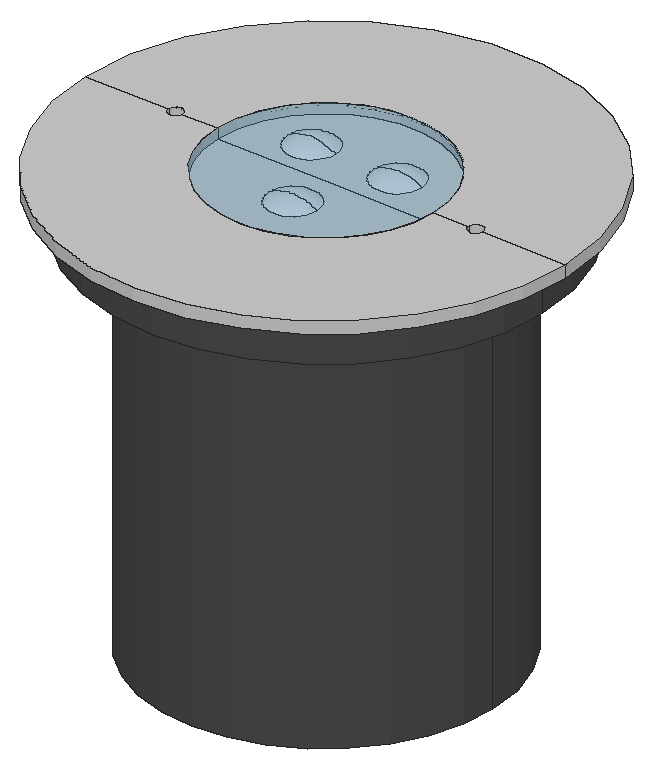
Revit family "INGROUND 12W RGBW_LKPA2BE0320.15", category Luminarias, Revit 2019
Family settings
  Cota de conector redondo = Diámetro de uso
  Tipo de pieza = Normal
  Se basa en plano de trabajo = Sí
  Siempre vertical = No
  Corte con vacíos al cargar = No
  Origen de luz = Sí
  Compartido = No
  Punto de cálculo de habitación = No
Parameters (values of type "EMP_LKPA2BE0320.15")
  Ángulo de inclinación = 100.00°
  Zone [instance] = ""
  Watt per fixture = 14.6
  Wattage = 14.6 W
  built-in parameter 1150107 = 3000 (stored number, unit not read)
  built-in parameter 1150110 = 1 (stored number, unit not read)
  built-in parameter 1150109 = 1 (stored number, unit not read)
  built-in parameter 1150112 = 1 (stored number, unit not read)
  built-in parameter 1150113 = 1 (stored number, unit not read)
  built-in parameter 1114218 = 1 (stored number, unit not read)
  Keynote = ""
  built-in parameter 1150137 = (empty or 0)
  built-in parameter 1150132 = (empty or 0)
  Modelo = "LKPA2BE0320.15"
  Lámpara = "RGBW"
  built-in parameter 1150105 = 34.216 (stored number, unit not read)
  built-in parameter 1150102 = (empty or 0)
  built-in parameter 1150106 = 0.34216 (stored number, unit not read)
  Lumens = 429.97 lm
  Color Filter = 16777215
  built-in parameter 1114217 = 1 (stored number, unit not read)
  built-in parameter 1150139 = (empty or 0)
  Fabricante = "BRILLANT"
  Default Elevation = 0 mm
  built-in parameter 1150104 = 2.736 (stored number, unit not read)
  Descripción = "LUMINARIA TIPO CIRCULAR PARA EMPOTRAR EN PISO CON CUERPO DE ALUMINIO FUNDIDO A PRESION CUBIERTO CON POLVO GRIS OSCURO, CON CUBIERTA DE ACERO INOXIDABLE Y VIDRIO TEMPLADO DE 8MM, HOUSING PVC DE 156.5MM DE DIAMETRO Y 149.5MM DE PROFUNDO. CUENTA CON 3 LED CON UNA POTENCIA TOTAL DE 14.6W, TECNOLOGIA RGBW CON 430 LUMENES, 610mA EN CORRIENTE DE OPERACIÓN, IP67, IK07, APERTURA EN 15 GRADOS POR PROYECTO, ALIMENTADA A 24V. REQUIERE ACCESORIOS."
  built-in parameter 1150115 = 1 (stored number, unit not read)
  built-in parameter 1150114 = 1 (stored number, unit not read)
  Comentarios de vataje = "24V"
  built-in parameter 1150138 = (empty or 0)
  built-in parameter 1150134 = (empty or 0)
  Circuit [instance] = ""
  Dimming Lamp Color Temperature Shift = (empty or 0)
  Archivo de red fotométrica = "LKPA2BE0320.IES"
  built-in parameter 1150133 = 10 (stored number, unit not read)
Reference planes
  plane 1 "Centro (Frontal/Posterior)": y = 0
  plane 2: z = 0
  plane 3 "Centro (Izquierda/Derecha)": x = 0
  plane 4: z = -149.5
  plane 5: x = -653.678
  plane 6: x = 600
  plane 7: x = -67.5
  plane 8: x = 67.5
  plane 9: z = -77
  plane 10 "PEND": y = 13.75
  plane 11 "Centro I/E": y = -15
  plane 12: x = -63.5
  plane 13: x = 63.5
  plane 14: z = -58
Forms (mm)
  Revolve 1, solid, material "Acero Inoxidable"
    sketch origin (0, 0, 0) x (1, 0, 0) y (0, 0, 1)
      loop
        line (-38.945, 3.372) -> (-86.5, 3.372) -> (-86.5, -0.88) -> (-67.5, -0.88) -> (-67.5, -12.767) -> (-51.169, -12.767) -> (-51.169, -25.88)
        arc (-51.169, -25.88) -> (-46.79, -30.26) -> (-51.169, -34.639) r 4.379
        line (-51.169, -34.639) -> (-51.169, -39.639)
        arc (-51.169, -39.639) -> (-46.79, -44.018) -> (-51.169, -48.397) r 4.379
        line (-51.169, -48.397) -> (-51.169, -57.128) -> (0, -57.128) -> (0, 0) -> (-38.945, 0) -> (-38.945, 3.372)
      axis (0, 3.372) -> (0, -57.128)
    angle from 0 to 360
  Revolve 2, solid
    sketch origin (14.219, 13.75, 0) x (-1, 0, 0) y (0, 0, 1)
      loop
        line (30.469, 0) -> (39.129, 0)
        arc (39.129, 0) -> (35.004, 1.961) -> (30.469, 2.5) r 14.087
        line (30.469, 2.5) -> (30.469, 0)
      axis (30.469, 2.5) -> (30.469, 0)
    angle from 0 to 360
  Extrusion 3, solid, material "Cristal"
    sketch origin (0, 0, 0) x (1, 0, 0) y (0, 1, 0)
      loop
        circle (0, 0) r 39.068
    from 2.552 to 3.372
  Extrusion 4, solid, material "Plastico"
    sketch origin (-21.775, 89.79, -72.302) x (1, 0, 0) y (0, 0, -1)
      loop
        circle (0, 0) r 10
    from -58 to -47.282
  Extrusion 5, solid, material "Cobre"
    sketch origin (-21.775, 89.79, -72.302) x (1, 0, 0) y (0, 0, -1)
      loop
        line (12.101, 0) -> (6.051, 10.48) -> (-6.051, 10.48) -> (-12.101, 0) -> (-6.051, -10.48) -> (6.051, -10.48) -> (12.101, 0)
    from -47.282 to -41.61
  Revolve 6, solid, material "Plastico"
    sketch origin (0, 0, 0) x (1, 0, 0) y (0, 0, 1)
      loop
        line (-78.25, -0.88) -> (-78.25, -15.267) -> (-60.349, -15.267) -> (-60.349, -149.5) -> (0, -149.5) -> (0, -147) -> (-57.805, -147) -> (-57.805, -12.767) -> (-75.682, -12.767) -> (-75.682, -0.88) -> (-78.25, -0.88)
      axis (0, -0.88) -> (0, -149.5)
    angle from 0 to 360
  Extrusion 7, void
    sketch origin (0, 0, 0) x (1, 0, 0) y (0, 1, 0)
      loop
        circle (-54.125, 0) r 2.557
      loop
        circle (54.125, 0) r 2.557
    from -3.838 to 7.824
  Extrusion 8, solid, material "Plastico"
    sketch origin (0, 0, 0) x (1, 0, 0) y (0, 1, 0)
      loop
        line (-8.088, -50.525) -> (-8.088, -57.237)
        arc (-8.088, -57.237) -> (0, -57.805) -> (8.088, -57.237) r 57.805
        line (8.088, -57.237) -> (8.088, -50.525)
        arc (8.088, -50.525) -> (0, -51.169) -> (-8.088, -50.525) r 51.169
      loop
        arc (-8.088, 50.525) -> (0, 51.169) -> (8.088, 50.525) r 51.169
        line (8.088, 50.525) -> (8.088, 57.237)
        arc (8.088, 57.237) -> (0, 57.805) -> (-8.088, 57.237) r 57.805
        line (-8.088, 57.237) -> (-8.088, 50.525)
      loop
        arc (-50.525, -8.088) -> (-51.169, 0) -> (-50.525, 8.088) r 51.169
        line (-50.525, 8.088) -> (-57.237, 8.088)
        arc (-57.237, 8.088) -> (-57.805, 0) -> (-57.237, -8.088) r 57.805
        line (-57.237, -8.088) -> (-50.525, -8.088)
      loop
        line (50.525, -8.088) -> (57.237, -8.088)
        arc (57.237, -8.088) -> (57.805, 0) -> (57.237, 8.088) r 57.805
        line (57.237, 8.088) -> (50.525, 8.088)
        arc (50.525, 8.088) -> (51.169, 0) -> (50.525, -8.088) r 51.169
    from -19.859 to -15.267
  Revolve 9, solid
    sketch origin (30.469, -15, 0) x (-1, 0, 0) y (0, 0, 1)
      loop
        line (30.469, 0) -> (39.129, 0)
        arc (39.129, 0) -> (35.004, 1.961) -> (30.469, 2.5) r 14.087
        line (30.469, 2.5) -> (30.469, 0)
      axis (30.469, 2.5) -> (30.469, 0)
    angle from 0 to 360
  Revolve 10, solid
    sketch origin (45.302, 13.75, 0) x (-1, 0, 0) y (0, 0, 1)
      loop
        line (30.469, 0) -> (39.129, 0)
        arc (39.129, 0) -> (35.004, 1.961) -> (30.469, 2.5) r 14.087
        line (30.469, 2.5) -> (30.469, 0)
      axis (30.469, 2.5) -> (30.469, 0)
    angle from 0 to 360
  Extrusion 11, solid, material "Acero Inoxidable"
    sketch origin (0, 0, 0) x (1, 0, 0) y (0, 1, 0)
      loop
        line (39.068, 0) -> (39.068, 35) -> (-38.945, 35) -> (-38.945, 0) -> (39.068, 0)
    from -87.809 to -57.128
  Extrusion 12, solid, material "Plastico"
    sketch origin (21.775, 89.79, -72.302) x (-1, 0, 0) y (0, 0, 1)
      loop
        circle (0, 0) r 10
    from -58 to -47.282
  Extrusion 13, solid, material "Cobre"
    sketch origin (21.775, 89.79, -72.302) x (-1, 0, 0) y (0, 0, 1)
      loop
        line (12.101, 0) -> (6.051, 10.48) -> (-6.051, 10.48) -> (-12.101, 0) -> (-6.051, -10.48) -> (6.051, -10.48) -> (12.101, 0)
    from -47.282 to -41.61
Cuts and joins
  Extrusion 7 cuts Revolve 1
Dimensions and locks
  plane 2 to plane 4 = 149.5 mm
  level to plane 4 = 149.5 mm
  equal spacing: plane 7, plane 3 "Centro (Izquierda/Derecha)", plane 8
  plane 7 to plane 3 "Centro (Izquierda/Derecha)" = 67.5 mm
  plane 7 to plane 8 = 135 mm
  level to plane 9 = 77 mm
  plane 8 to plane 7 = 135 mm
  equal spacing: plane 13, plane 3 "Centro (Izquierda/Derecha)", plane 12
  plane 3 "Centro (Izquierda/Derecha)" to plane 12 = 63.5 mm
  plane 13 to plane 12 = 127 mm
  plane 2 to plane 14 = 58 mm
  Revolve 1 sketch curve to Revolve 1 sketch curve = 86.5 mm
  Revolve 6 sketch curve to Revolve 6 sketch curve = 78.25 mm
  aligned and locked: level to plane 2
  aligned and locked: Extrusion 5 to Extrusion 4
  aligned and locked: Extrusion 12 to Extrusion 13
Automatic sketch dimensions
  Revolve 1 sketch curve to plane 7 = 0 mm
  Revolve 1 sketch curve to level = 0 mm
  Revolve 1 sketch curve to plane 3 "Centro (Izquierda/Derecha)" = 0 mm  (x2)
  Revolve 1 sketch curve to plane 9 = 0 mm
  plane 14 to Revolve 1 sketch curve = 0.872 mm
  plane 12 to Revolve 1 sketch curve = 12.331 mm
  Revolve 1 sketch curve to Revolve 1 sketch curve = 12.224 mm
  Revolve 1 sketch curve to Revolve 1 sketch curve = 8.731 mm
  Revolve 1 sketch curve to Revolve 1 sketch curve = 4.379 mm  (x2)
  Revolve 1 sketch curve to Revolve 1 sketch curve = 5 mm
  Revolve 1 sketch curve to level = 12.767 mm
  Revolve 1 sketch curve to level = 0.88 mm
  level to Revolve 1 sketch curve = 3.372 mm
  level to Revolve 1 sketch curve = 40 mm
  Revolve 2 sketch curve to level = 0 mm  (x2)
  Revolve 2 sketch curve to plane 3 "Centro (Izquierda/Derecha)" = 16.25 mm
  Revolve 2 sketch curve to Revolve 2 sketch curve = 0.628 mm  (x2)
  Revolve 2 sketch curve to Revolve 2 sketch curve = 8.66 mm
  Revolve 2 sketch curve to level = 11.573 mm
  Revolve 2 sketch curve to Revolve 2 sketch curve = 5.189 mm
  plane 1 "Centro (Frontal/Posterior)" to Extrusion 3 sketch curve = 0 mm
  Extrusion 3 sketch curve to plane 3 "Centro (Izquierda/Derecha)" = 0 mm
  Extrusion 4 sketch curve to plane 3 "Centro (Izquierda/Derecha)" = 21.775 mm
  Extrusion 4 sketch curve to plane 14 = 14.302 mm
  Extrusion 5 sketch curve to plane 14 = 14.302 mm
  plane 12 to Extrusion 5 sketch curve = 29.624 mm
  Extrusion 5 sketch curve to Extrusion 5 sketch curve = 6.051 mm  (x2)
  Extrusion 5 sketch curve to plane 14 = 3.822 mm
  Extrusion 5 sketch curve to Extrusion 5 sketch curve = 12.101 mm  (x2)
  Extrusion 5 sketch curve to plane 3 "Centro (Izquierda/Derecha)" = 9.674 mm
  Extrusion 5 sketch curve to Extrusion 5 sketch curve = 10.48 mm  (x2)
  Revolve 6 sketch curve to plane 4 = 0 mm
  Revolve 6 sketch curve to plane 3 "Centro (Izquierda/Derecha)" = 0 mm  (x2)
  Revolve 6 sketch curve to Revolve 6 sketch curve = 2.568 mm
  plane 12 to Revolve 6 sketch curve = 3.151 mm
  Revolve 6 sketch curve to Revolve 6 sketch curve = 2.544 mm
  plane 4 to Revolve 6 sketch curve = 2.5 mm
  Revolve 6 sketch curve to level = 15.267 mm
  Revolve 6 sketch curve to Revolve 6 sketch curve = 2.5 mm
  Revolve 6 sketch curve to level = 0.88 mm
  Revolve 6 sketch curve to plane 4 = 33.38 mm
  level to Revolve 6 sketch curve = 26.62 mm
  plane 1 "Centro (Frontal/Posterior)" to Extrusion 7 sketch curve = 0 mm  (x2)
  plane 12 to Extrusion 7 sketch curve = 9.375 mm
  Extrusion 7 sketch curve to plane 13 = 9.375 mm
  Extrusion 8 sketch curve to Extrusion 8 sketch curve = 0 mm  (x58)
  plane 1 "Centro (Frontal/Posterior)" to Extrusion 8 sketch curve = 0 mm
  Extrusion 8 sketch curve to plane 3 "Centro (Izquierda/Derecha)" = 0 mm
  Extrusion 8 sketch curve to plane 3 "Centro (Izquierda/Derecha)" = 8.088 mm  (x2)
  plane 12 to Extrusion 8 sketch curve = 12.975 mm
  Extrusion 8 sketch curve to plane 10 "PEND" = 5.662 mm  (x2)
  plane 12 to Extrusion 8 sketch curve = 6.263 mm
  plane 3 "Centro (Izquierda/Derecha)" to Extrusion 8 sketch curve = 8.088 mm  (x2)
  Extrusion 8 sketch curve to plane 13 = 12.975 mm
  Extrusion 8 sketch curve to plane 13 = 6.263 mm
  Extrusion 8 sketch curve to plane 11 "Centro I/E" = 35.525 mm
  Extrusion 8 sketch curve to Extrusion 8 sketch curve = 6.711 mm  (x2)
  plane 10 "PEND" to Extrusion 8 sketch curve = 36.775 mm
  Revolve 9 sketch curve to level = 0 mm  (x2)
  Revolve 9 sketch curve to plane 3 "Centro (Izquierda/Derecha)" = 0 mm  (x2)
  Revolve 9 sketch curve to plane 3 "Centro (Izquierda/Derecha)" = 0.628 mm
  Revolve 9 sketch curve to Revolve 9 sketch curve = 8.66 mm
  Revolve 9 sketch curve to level = 11.573 mm
  Revolve 9 sketch curve to Revolve 9 sketch curve = 5.189 mm
  Revolve 10 sketch curve to level = 0 mm  (x2)
  plane 3 "Centro (Izquierda/Derecha)" to Revolve 10 sketch curve = 14.833 mm
  Revolve 10 sketch curve to Revolve 10 sketch curve = 0.628 mm  (x2)
  plane 3 "Centro (Izquierda/Derecha)" to Revolve 10 sketch curve = 6.173 mm
  Revolve 10 sketch curve to level = 11.573 mm
  Revolve 10 sketch curve to Revolve 10 sketch curve = 5.189 mm
  plane 1 "Centro (Frontal/Posterior)" to Extrusion 11 sketch curve = 0 mm
  plane 12 to Extrusion 11 sketch curve = 24.555 mm
  Extrusion 11 sketch curve to plane 13 = 24.432 mm
  plane 10 "PEND" to Extrusion 11 sketch curve = 21.25 mm
  plane 3 "Centro (Izquierda/Derecha)" to Extrusion 12 sketch curve = 21.775 mm
  Extrusion 12 sketch curve to plane 14 = 14.302 mm
  Extrusion 13 sketch curve to plane 14 = 14.302 mm
  Extrusion 13 sketch curve to plane 13 = 29.624 mm
  Extrusion 13 sketch curve to Extrusion 13 sketch curve = 6.051 mm  (x2)
  Extrusion 13 sketch curve to plane 14 = 3.822 mm
  Extrusion 13 sketch curve to Extrusion 13 sketch curve = 12.101 mm  (x2)
  plane 3 "Centro (Izquierda/Derecha)" to Extrusion 13 sketch curve = 9.674 mm
  Extrusion 13 sketch curve to Extrusion 13 sketch curve = 10.48 mm  (x2)
  radius of Extrusion 3 sketch curve = 39.068 mm
  radius of Extrusion 4 sketch curve = 10 mm
  radius of Extrusion 7 sketch curve = 2.557 mm  (x2)
  radius of Extrusion 12 sketch curve = 10 mm
Connectors
  electrical at (0, 0, -149.5)
    settings: on Revolve 6, index 1, voltage 24 V, apparent load 0 VA, apparent load phase1 0 VA, apparent load phase2 0 VA, apparent load phase3 0 VA, power factor 1, load classification "Otro", number of poles 1, system type 31, power factor state 1, is connector primary yes, connector utility no, sub classification motor no, connector description ""
